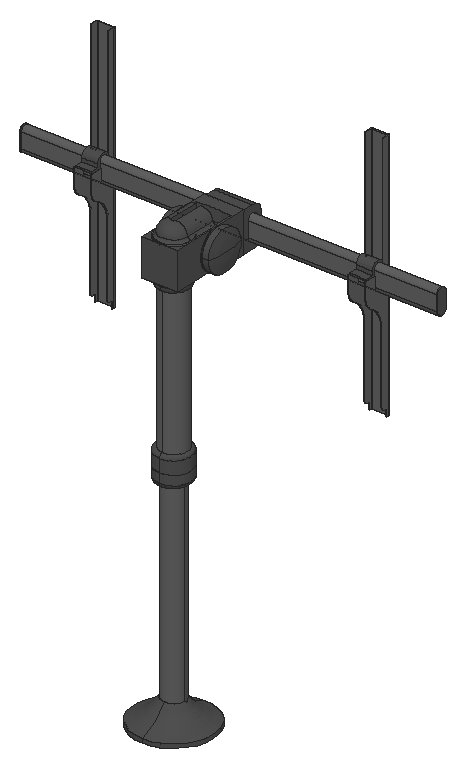
Revit family "Atdec-Ceiling_Dislpay_Mount-TH-3070-CT-", category Generic Models, host Face, Revit 2016
Family settings
  Host = Face
  Part Type = Normal
  Can host rebar = No
  Round Connector Dimension = Use Diameter
  Cut with Voids When Loaded = No
  Shared = No
  Room Calculation Point = No
Parameters (values of type "TH-3070-CTS")
  Weight, Single Unit = "12kg (26.4lb)"
  Weight, Master Carton = "-"
  Warranty = "10 years"
  VESA mounting hole pattern, mm = "200x200, 200x300, 200x400, 300x200, 300x300, 400x200, 400x300, 400x400, 600x200, 600x400, 800x200, 800x400"
  Universal Width (mm) = "From 200 to 800"
  Universal Height (mm) = "From 200 to 500"
  URL = "www.atdec.com.au"
  UPC Code = "881493007567"
  Total Length Restriction [instance] = if(and(CTS, Total Length > 900 mm), 900 mm, if(and(CTL, Total Length > 1800 mm), 1800 mm, Total Length))  # 900 mm
  Total Length [instance] = 924 mm
  Top Pole Length = if(CTL, 1000 mm, 450 mm)  # 450 mm
  Tilt adjustment = "20° of downward tilt"
  Tilt Angle [instance] = 0.00°
  Single units per master pack = "1"
  Security features = "-"
  Range of Motion = "Tilt"
  Product Information Link = "https://www.atdec.com.au/th-3070-ct"
  Product Family = "Wall Mount Rail"  # constant formula
  Single Unit Dimensions = "930mm (36.6\") Lenght, 300mm (11.8\") Width, 150mm (5.9\") Height"
  Plate Finish [instance] = ATD-Powdercoat Black
  Pan adjustment = "Fixed or 360° around pole"
  Model = "TH-3070-CTS"
  Minimum distance from wall (mm) = "-"
  Maximum distance from wall (mm) = "-"
  Material = "Steel and Aluminum"
  Master Carton Dimensions = "-"
  Manufacturer = "Atdec"  # constant formula
  Low Pole Length = if(CTS, 450 mm, 868 mm)  # 450 mm
  Pole Adjustment Length [instance] = "CTL 900mm to 1900mm - CTS: 550mm to 1050mm"  # constant formula
  Flat screen maximum supported weight = "65kg (143lb)"
  Email Address = "support@atdec.com"
  Description = "Medium to display ceiling mount, short pole"
  Default Elevation = 1219.2 mm
  Colour Options = "Black"
  CTS = yes
  CTL = not(CTS)  # no
  Bracket Finish [instance] = ATD-Plastic Black
  Pole Finish = ATD-Powdercoat Black
  Bracket Dist Restriction [instance] = if([Bracket Dist (Max 850)] > 850 mm, 850 mm, [Bracket Dist (Max 850)])  # 600 mm
  Bracket Dist (Max 850) [instance] = 600 mm
  Assembly Code = "E1010800"
  Angle Restriction [instance] = if(Tilt Angle < -20.00°, -20.00°, if(Tilt Angle > 20.00°, 20.00°, Tilt Angle))  # 0.00°
Types (3, lengths in mm): name | Weight, Single Unit | Warranty | UPC Code | Total Length Restriction | Total Length | Top Pole Length | Single Unit Dimensions | Model | Low Pole Length | Description | CTS | CTL | Bracket Dist Restriction | Bracket Dist (Max 850)
  (no name) | "12kg (26.4lb)" | "10 years" | "881493007567" | 900 | 924 | 450 | "930mm (36.6\") Lenght, 300mm (11.8\") Width, 150mm (5.9\") Height" | "TH-3070-CTS" | 450 | "Medium to display ceiling mount, short pole" | yes | no | 600 | 600
  TH-3070-CTL | "15kg (33lb)" | "10 years if purchased after Jan 1, 201" | "881493007543" | 1500 | 1500 | 1000 | "1060mm (41.7\") Lenght, 300mm (11.8\") Width, 150mm (5.9\") Height" | "TH-3070-CTL" | 868 | "Medium to large display ceiling mount, long pole" | no | yes | 800 | 800
  TH-3070-CTS | "12kg (26.4lb)" | "10 years" | "881493007567" | 900 | 924 | 450 | "930mm (36.6\") Lenght, 300mm (11.8\") Width, 150mm (5.9\") Height" | "TH-3070-CTS" | 450 | "Medium to display ceiling mount, short pole" | yes | no | 600 | 600
Reference planes
  plane 1 "Center (Front/Back)": y = 0
  plane 2: z = 0
  plane 3 "Center (Left/Right)": x = 0
  plane 4: z = 900
  plane 5: z = 450
  plane 6: z = 450
  plane 7: z = 860.448
  plane 8: y = 63.807
Forms (mm)
  Revolve 1, solid, material "ATD-Powdercoat Black" <- "Pole Finish"
    sketch origin (0, 0, 0) x (0, 1, 0) y (0, 0, 1)
      loop
        line (0, 900) -> (0, 450) -> (27.463, 450) -> (27.463, 897.097) -> (35.492, 897.097) -> (35.492, 900) -> (0, 900)
      axis (0, 450) -> (0, 900)
    angle from 0 to 360
  Revolve 2, solid, material "ATD-Plastic Black" <- "Bracket Finish"
    sketch origin (0, 0, 0) x (0, 1, 0) y (0, 0, 1)
      loop
        line (0, 0) -> (80, 0) -> (80, 7.646)
        arc (80, 7.646) -> (47.939, 23.892) -> (23.236, 50) r 104.986
        line (23.236, 50) -> (0, 50) -> (0, 0)
      axis (0, 0) -> (0, 50)
    angle from 0 to 360
  Extrusion 3, solid, material "ATD-Powdercoat Black" <- "Pole Finish"
    sketch origin (0, 0, 0) x (1, 0, 0) y (0, 1, 0)
      loop
        circle (0, 0) r 22.5
    from 0 to 450
  Revolve 4, solid, material "ATD-Plastic Black" <- "Bracket Finish"
    sketch origin (0, 0, 0) x (0, 1, 0) y (0, 0, 1)
      loop
        line (0, 511.097) -> (0, 450.597) -> (28.5, 450.597)
        arc (28.5, 450.597) -> (33.467, 452.654) -> (35.524, 457.62) r 7.024
        line (35.524, 457.62) -> (35.524, 476.39) -> (13.322, 476.39) -> (13.322, 477.597) -> (35.524, 477.597) -> (35.524, 503.622)
        arc (35.524, 503.622) -> (33.131, 509.112) -> (27.48, 511.097) r 7.495
        line (27.48, 511.097) -> (0, 511.097)
      axis (0, 450.597) -> (0, 511.097)
    angle from 0 to 360
  Extrusion 5, solid, material "ATD-Plastic Black" <- "Bracket Finish"
    sketch origin (0, 0, 0) x (0, 1, 0) y (0, 0, 1)
      loop
        line (-35.492, 898.369) -> (-35.492, 822.528) -> (63.807, 822.528)
        arc (63.807, 822.528) -> (101.727, 860.448) -> (63.807, 898.369) r 37.92
        line (63.807, 898.369) -> (-35.492, 898.369)
    from -36 to 36
  Revolve 6, solid, material "ATD-Plastic Black" <- "Bracket Finish"
    sketch origin (0, 0, 0) x (0, 1, 0) y (0, 0, 1)
      loop
        line (27.526, 821) -> (27.526, 809.028) -> (29.519, 809.028)
        arc (29.519, 809.028) -> (32.149, 813.144) -> (32.666, 818) r 10.656
        line (32.666, 818) -> (31.848, 818) -> (31.848, 819.852) -> (33.093, 819.852) -> (33.093, 821) -> (27.526, 821)
      axis (0, 809.028) -> (0, 821)
    angle from 0 to 360
  Sweep 7, solid, material "ATD-Plastic Black" <- "Bracket Finish"
    path origin (0, 89, 860.448) x (0, 1, 0) y (-1, 0, 0)
      loop
        line (-25.193, -0.576) -> (-88.975, -0.576)
        arc (-88.975, -0.576) -> (-89.551, 0) -> (-88.975, 0.576) r 0.576
        line (-88.975, 0.576) -> (-25.193, 0.576)
    profile origin (0, -0.551, 860.448) x (0, 1, 0) y (0, 0, 1)
      loop
        arc (-4.272, 66.116) -> (-20.166, 60.172) -> (-28.264, 45.259) r 24.233
        arc (-28.264, 45.259) -> (-29.839, 41.72) -> (-33.048, 39.552) r 7.035
        line (-33.048, 39.552) -> (-4.272, 39.552) -> (-4.272, 66.116)
Lines and regions (mm)
  symbolic lines
    curve 1: circle (0, 0, 0) r 80 normal (0, 0, 1)
    curve 2: circle (0, 0, 0) r 42.586 normal (0, 0, 1)
  reference lines
    curve 3: line (0, 63.807, 860.448) -> (0, -96.193, 860.448)
    curve 4: line (0, 63.807, 860.448) -> (0, 63.807, 910.448)
Dimensions and locks
  "Total Length Restriction": plane 4 to plane 2
  "Top Pole Length": plane 5 to plane 2
  "Low Pole Length": plane 4 to plane 6
  locked: Revolve 1 sketch curve to plane 1 "Center (Front/Back)" at 27.463
  locked: Revolve 1 sketch curve to plane 1 "Center (Front/Back)" at 35.492
  locked: plane 4 to Revolve 1 sketch curve at 2.903
  locked: Revolve 2 sketch curve to plane 1 "Center (Front/Back)" at 110.722
  locked: Revolve 2 sketch curve to plane 1 "Center (Front/Back)" at 80
  locked: Revolve 2 sketch curve to plane 2 at 50
  locked: Revolve 2 sketch curve to plane 2 at 108.036
  plane 6 to Revolve 4 sketch curve to Revolve 4 sketch curve to Revolve 4 sketch curve to Revolve 4 sketch curve to Revolve 4 sketch curve to Revolve 4 sketch curve = 0.597 mm locked, 7.024 mm locked, 18.77 mm locked, 1.206 mm locked, 26.025 mm locked, 7.475 mm locked
  Revolve 4 sketch curve to Revolve 4 sketch curve to Revolve 4 sketch curve to Revolve 4 sketch curve to plane 1 "Center (Front/Back)" = 7.024 mm locked, 0.471 mm locked, 14.707 mm locked, 13.322 mm locked
  plane 4 to plane 7 = 39.552 mm
  locked: plane 8 to plane 1 "Center (Front/Back)" at 63.807
  plane 7 to Revolve 6 sketch curve to Revolve 6 sketch curve to Revolve 6 sketch curve to Revolve 6 sketch curve to Revolve 6 sketch curve = 39.448 mm locked, 1.148 mm locked, 1.852 mm locked, 1.329 mm locked, 7.642 mm locked
  Sweep 7 sketch curve to nested 1 to Sweep 7 sketch curve = 0.576 mm locked, 0.576 mm locked
  Sweep 7 sketch curve to Sweep 7 sketch curve to plane 4 = 4.357 mm locked, 2.331 mm locked
  Sweep 7 sketch curve to Sweep 7 sketch curve to plane 1 "Center (Front/Back)" = 30.962 mm locked, 4.818 mm locked
  "Tilt Angle": angle plane 7 to curve 3
  locked: curve 3 to curve 4 (angle 90.00°)
  aligned and locked: plane 2 to host face
  aligned and locked: level to host face
  aligned and locked: plane 4 to Revolve 1 sketch curve
  aligned and locked: plane 6 to Revolve 1 sketch curve
  aligned and locked: plane 2 to Revolve 2 sketch curve
  aligned and locked: plane 1 "Center (Front/Back)" to Revolve 2 sketch curve
  aligned and locked: Extrusion 3 to plane 2
  aligned and locked: plane 5 to Extrusion 3
  aligned and locked: Revolve 4 sketch curve to Revolve 4 sketch curve
  aligned and locked: plane 8 to curve 3
  aligned and locked: plane 7 to curve 3
  aligned and locked: nested 1 to curve 4
  aligned and locked: nested 1 to curve 3
Automatic sketch dimensions
  host sketch curve to host sketch curve = 643.416 mm
  host sketch curve to host sketch curve = 711.719 mm
  Revolve 1 sketch curve to plane 1 "Center (Front/Back)" = 0 mm  (x2)
  Revolve 1 sketch curve to plane 4 = 0 mm
  Revolve 1 sketch curve to Revolve 1 sketch curve = 28.39 mm
  plane 1 "Center (Front/Back)" to Extrusion 3 sketch curve = 0 mm
  Extrusion 3 sketch curve to plane 3 "Center (Left/Right)" = 0 mm
  Revolve 4 sketch curve to plane 1 "Center (Front/Back)" = 0 mm  (x2)
  Revolve 4 sketch curve to Revolve 4 sketch curve = 0 mm
  Revolve 4 sketch curve to Revolve 4 sketch curve = 8.708 mm
  Revolve 2 sketch curve to plane 1 "Center (Front/Back)" = 0 mm
  Revolve 2 sketch curve to Revolve 2 sketch curve = 23.236 mm
  Revolve 2 sketch curve to Revolve 2 sketch curve = 0 mm
  Revolve 2 sketch curve to Revolve 2 sketch curve = 40 mm
  curve 1 to curve 2 = 0 mm  (x2)
  plane 1 "Center (Front/Back)" to curve 1 = 0 mm
  curve 1 to plane 3 "Center (Left/Right)" = 0 mm
  Extrusion 5 sketch curve to plane 8 = 0 mm  (x2)
  Extrusion 5 sketch curve to plane 7 = 0 mm
  Extrusion 5 sketch curve to plane 4 = 1.631 mm
  plane 1 "Center (Front/Back)" to Extrusion 5 sketch curve = 35.492 mm
  Revolve 6 sketch curve to plane 1 "Center (Front/Back)" = 0 mm
  Revolve 6 sketch curve to plane 1 "Center (Front/Back)" = 22.093 mm
  Revolve 6 sketch curve to Revolve 6 sketch curve = 1.994 mm
  Revolve 6 sketch curve to Revolve 6 sketch curve = 4.322 mm
  Revolve 6 sketch curve to Revolve 6 sketch curve = 0.818 mm
  Revolve 6 sketch curve to Revolve 6 sketch curve = 1.245 mm
  Revolve 6 sketch curve to Revolve 6 sketch curve = 8.329 mm
  Revolve 6 sketch curve to Revolve 6 sketch curve = 7.159 mm
  Sweep 7 sketch curve to plane 8 = 0 mm  (x2)
  Sweep 7 sketch curve to plane 1 "Center (Front/Back)" = 0.025 mm
  Sweep 7 sketch curve to Sweep 7 sketch curve = 0.004 mm
  Sweep 7 sketch curve to Sweep 7 sketch curve = 24.233 mm
  Sweep 7 sketch curve to Sweep 7 sketch curve = 2.182 mm
  Sweep 7 sketch curve to Sweep 7 sketch curve = 0 mm
  radius of Extrusion 3 sketch curve = 22.5 mm
  radius of curve 1 = 80 mm
  radius of curve 2 = 42.586 mm
Nested families
  nested 1: "3070-Plate" at (0, 63.807, 860.448), Bracket Finish <- "Bracket Finish", Plate Finish <- "Plate Finish", Bracket Dist <- "Bracket Dist Restriction", type "3070-Plate"
    with Plate Finish ATD-Powdercoat Black, Bracket Finish ATD-Plastic Black, Bracket Dist 600 mm
Definition of nested family "3070-Plate"
  Parameters (values of type "3070-Plate")
    Plate Finish [instance] = none
    Default Elevation = 1219.2 mm
    Bracket Finish [instance] = none
    Bracket Dist [instance] = 500 mm
  Reference planes
    plane 1 "Center (Front/Back)": y = 0
    plane 2: z = 0
    plane 3 "Center (Left/Right)": x = 0
    plane 4: x = -250
    plane 5: x = 250
  Forms (mm)
    Extrusion 1, solid, material <- "Bracket Finish"
      sketch origin (0, 0, 0) x (0, 1, 0) y (0, 0, 1)
        loop
          arc (0, 41.281) -> (-41.281, 0) -> (0, -41.281) r 41.281
          line (0, -41.281) -> (67.872, -41.281) -> (67.872, 41.281) -> (0, 41.281)
      from -41.5 to 39.5
    Revolve 2, solid, material <- "Bracket Finish"
      sketch origin (0, 0, 0) x (1, 0, 0) y (0, 1, 0)
        loop
          line (-39.5, 0) -> (-39.5, 41.217) -> (-53.557, 41.217)
          arc (-53.557, 41.217) -> (-57.345, 20.763) -> (-58.613, 0) r 170.523
          line (-58.613, 0) -> (-39.5, 0)
        loop
          line (39.5, 0) -> (58.613, 0)
          arc (58.613, 0) -> (57.345, 20.763) -> (53.557, 41.217) r 170.523
          line (53.557, 41.217) -> (39.5, 41.217) -> (39.5, 0)
        axis (58.613, 0) -> (-58.613, 0)
      angle from 0 to 360
    Extrusion 3, void
      sketch origin (0, 0, 0) x (1, 0, 0) y (0, 1, 0)
        loop
          line (-36, 37.92) -> (-36, -46.463) -> (36, -46.463) -> (36, 37.92)
          arc (36, 37.92) -> (0, 42.941) -> (-36, 37.92) r 131.581
      from -41.281 to 41.281
    Extrusion 4, solid, material <- "Plate Finish"
      sketch origin (0, 0, 0) x (0, 1, 0) y (0, 0, 1)
        loop
          line (78.005, 15.589) -> (78.005, -15.262)
          arc (78.005, -15.262) -> (88.005, -25.262) -> (98.005, -15.262) r 10
          line (98.005, -15.262) -> (98.005, 15.589)
          arc (98.005, 15.589) -> (88.005, 25.589) -> (78.005, 15.589) r 10
      from -426.767 to 426.767
    Extrusion 5, solid, material <- "Bracket Finish"
      sketch origin (0, 0, 0) x (0, 1, 0) y (0, 0, 1)
        loop
          line (77.005, 15.589) -> (77.005, -15.262)
          arc (77.005, -15.262) -> (88.005, -26.262) -> (99.005, -15.262) r 11
          line (99.005, -15.262) -> (99.005, 15.589)
          arc (99.005, 15.589) -> (88.005, 26.589) -> (77.005, 15.589) r 11
        loop
          line (67.872, 40.656) -> (67.872, -41.752) -> (90.592, -41.752)
          arc (90.592, -41.752) -> (104.734, -35.894) -> (110.592, -21.752) r 20
          line (110.592, -21.752) -> (110.592, 20.656)
          arc (110.592, 20.656) -> (104.734, 34.798) -> (90.592, 40.656) r 20
          line (90.592, 40.656) -> (67.872, 40.656)
      from -39.5 to 39.5
    Sweep 6, solid, material <- "Plate Finish"
      path origin (0, 0, 0) x (0, 1, 0) y (0, 0, 1)
        loop
          line (114.899, 249.86) -> (114.899, -265.14)
      profile origin (0, 114.899, -7.64) x (1, 0, 0) y (0, 1, 0)
        loop
          arc (-247, 0) -> (-249.121, -0.879) -> (-250, -3) r 3
          line (-250, -3) -> (-250, -59.64) -> (-248, -59.64) -> (-248, -3)
          arc (-248, -3) -> (-247.707, -2.293) -> (-247, -2) r 1
          line (-247, -2) -> (-216.092, -2)
          arc (-216.092, -2) -> (-215.385, -2.293) -> (-215.092, -3) r 1
          line (-215.092, -3) -> (-215.092, -59.64) -> (-213.092, -59.64) -> (-213.092, -3)
          arc (-213.092, -3) -> (-213.971, -0.879) -> (-216.092, 0) r 3
          line (-216.092, 0) -> (-247, 0)
        loop
          line (247, 0) -> (216.092, 0)
          arc (216.092, 0) -> (213.971, -0.879) -> (213.092, -3) r 3
          line (213.092, -3) -> (213.092, -59.64) -> (215.092, -59.64) -> (215.092, -3)
          arc (215.092, -3) -> (215.385, -2.293) -> (216.092, -2) r 1
          line (216.092, -2) -> (247, -2)
          arc (247, -2) -> (247.707, -2.293) -> (248, -3) r 1
          line (248, -3) -> (248, -59.64) -> (250, -59.64) -> (250, -3)
          arc (250, -3) -> (249.121, -0.879) -> (247, 0) r 3
    Extrusion 7, void
      sketch origin (0, 0, 0) x (0, 1, 0) y (0, 0, 1)
        loop
          line (108.238, -265.14) -> (108.238, -250.14) -> (102.359, -250.14)
          arc (102.359, -250.14) -> (98.086, -248.333) -> (96.408, -244.007) r 5.953
          line (96.408, -244.007) -> (96.408, -99.007)
          arc (96.408, -99.007) -> (88.399, -69.962) -> (66.636, -49.126) r 56.672
          arc (66.636, -49.126) -> (58.256, -41.058) -> (55.258, -29.817) r 21.66
          line (55.258, -29.817) -> (55.258, 5.183) -> (77.005, 5.183) -> (77.005, -15.262)
          arc (77.005, -15.262) -> (88.005, -26.262) -> (99.005, -15.262) r 11
          line (99.005, -15.262) -> (99.005, 249.86) -> (39.005, 249.86) -> (39.005, -265.14) -> (108.238, -265.14)
      from -250 to 250
    Sweep 8, solid, material <- "Bracket Finish"
      path origin (0, 0, 0) x (0, 1, 0) y (0, 0, 1)
        loop
          line (57.42, 5.183) -> (77.005, 5.183) -> (77.005, 15.589)
          arc (77.005, 15.589) -> (88.005, 26.589) -> (99.005, 15.589) r 11
      profile origin (0, 67.213, 5.183) x (0, 0, 1) y (1, 0, 0)
        loop
          line (0, -215.092) -> (0, -248) -> (3.004, -248) -> (3.004, -215.092) -> (0, -215.092)
        loop
          line (0, 215.092) -> (3.004, 215.092) -> (3.004, 248) -> (0, 248) -> (0, 215.092)
    Extrusion 9, solid, material <- "Bracket Finish"
      sketch origin (-426.767, 0, 0) x (0, -1, 0) y (0, 0, 1)
        loop
          line (-78.005, -15.262) -> (-78.005, 15.589)
          arc (-78.005, 15.589) -> (-88.005, 25.589) -> (-98.005, 15.589) r 10
          line (-98.005, 15.589) -> (-98.005, -15.262)
          arc (-98.005, -15.262) -> (-88.005, -25.262) -> (-78.005, -15.262) r 10
      from 0 to 2
    Extrusion 10, solid, material <- "Bracket Finish"
      sketch origin (426.767, 0, 0) x (0, 1, 0) y (0, 0, 1)
        loop
          line (98.005, -15.262) -> (98.005, 15.589)
          arc (98.005, 15.589) -> (88.005, 25.589) -> (78.005, 15.589) r 10
          line (78.005, 15.589) -> (78.005, -15.262)
          arc (78.005, -15.262) -> (88.005, -25.262) -> (98.005, -15.262) r 10
      from 0 to 2
  Cuts and joins
    Extrusion 3 cuts Extrusion 1
    Extrusion 7 cuts Sweep 6
  Dimensions and locks
    equal spacing: Extrusion 4, plane 3 "Center (Left/Right)", Extrusion 4, locked at 426.767 each
    equal spacing: Extrusion 5, plane 3 "Center (Left/Right)", Extrusion 5
    equal spacing: plane 4, plane 3 "Center (Left/Right)", plane 5
    "Bracket Dist": plane 4 to plane 5
    Sweep 6 sketch curve to Sweep 6 sketch curve to Sweep 6 sketch curve to plane 5 = 2 mm locked, 32.908 mm locked, 2 mm locked
    plane 4 to Sweep 6 sketch curve to Sweep 6 sketch curve to Sweep 6 sketch curve = 2 mm locked, 32.908 mm locked, 2 mm locked
    plane 1 "Center (Front/Back)" to Sweep 6 sketch curve to Sweep 6 sketch curve to Sweep 6 sketch curve = 55.258 mm locked, 57.64 mm locked, 2 mm locked  (x2)
    Sweep 8 sketch curve to Sweep 8 sketch curve to plane 4 = 32.908 mm locked, 2 mm locked
    plane 5 to Sweep 8 sketch curve to Sweep 8 sketch curve = 2 mm locked, 32.908 mm locked
    locked: Extrusion 10 to Extrusion 10 at 2
    locked: Extrusion 9 to Extrusion 9 at 2
    aligned and locked: level to plane 2
    aligned and locked: Extrusion 1 to Extrusion 3
    aligned and locked: Extrusion 3 to Extrusion 1
    aligned and locked: plane 4 to Sweep 6 sketch curve
    aligned and locked: plane 5 to Sweep 6 sketch curve
    aligned and locked: Sweep 6 sketch curve to Sweep 6 sketch curve  (x2)
    aligned and locked: Extrusion 7 sketch curve to Extrusion 5  (x2)
    aligned and locked: Extrusion 5 to Extrusion 7 sketch curve
    aligned and locked: Extrusion 7 to plane 4
    aligned and locked: plane 5 to Extrusion 7
    aligned and locked: Extrusion 9 sketch curve to Extrusion 4  (x2)
    aligned and locked: Extrusion 10 sketch curve to Extrusion 4  (x2)
    aligned and locked: Extrusion 10 to Extrusion 4
    aligned and locked: Extrusion 9 to Extrusion 4
  Automatic sketch dimensions
    Extrusion 1 sketch curve to plane 1 "Center (Front/Back)" = 0 mm  (x2)
    Extrusion 1 sketch curve to level = 0 mm
    Extrusion 1 sketch curve to plane 1 "Center (Front/Back)" = 67.872 mm
    Extrusion 1 sketch curve to level = 41.281 mm
    plane 1 "Center (Front/Back)" to Revolve 2 sketch curve = 0 mm  (x3)
    Revolve 2 sketch curve to plane 3 "Center (Left/Right)" = 111.91 mm
    Revolve 2 sketch curve to Revolve 2 sketch curve = 53.297 mm
    Revolve 2 sketch curve to plane 1 "Center (Front/Back)" = 41.217 mm
    Revolve 2 sketch curve to Revolve 2 sketch curve = 5.056 mm
    Revolve 2 sketch curve to Revolve 2 sketch curve = 14.057 mm  (x2)
    plane 3 "Center (Left/Right)" to Revolve 2 sketch curve = 39.5 mm
    Revolve 2 sketch curve to Revolve 2 sketch curve = 19.113 mm
    Revolve 2 sketch curve to Revolve 2 sketch curve = 16.986 mm
    Revolve 2 sketch curve to Revolve 2 sketch curve = 0 mm
    Extrusion 3 sketch curve to plane 3 "Center (Left/Right)" = 0 mm
    Extrusion 3 sketch curve to plane 3 "Center (Left/Right)" = 36 mm
    plane 3 "Center (Left/Right)" to Extrusion 3 sketch curve = 36 mm
    plane 1 "Center (Front/Back)" to Extrusion 3 sketch curve = 88.64 mm
    plane 1 "Center (Front/Back)" to Extrusion 3 sketch curve = 46.463 mm
    Extrusion 3 sketch curve to plane 1 "Center (Front/Back)" = 37.92 mm
    level to Extrusion 4 sketch curve = 15.589 mm
    Extrusion 4 sketch curve to plane 1 "Center (Front/Back)" = 78.005 mm
    Extrusion 4 sketch curve to Extrusion 4 sketch curve = 10 mm
    Extrusion 4 sketch curve to level = 15.262 mm
    level to Extrusion 5 sketch curve = 40.656 mm
    Extrusion 5 sketch curve to plane 1 "Center (Front/Back)" = 67.872 mm
    Extrusion 5 sketch curve to Extrusion 5 sketch curve = 9.134 mm
    Extrusion 5 sketch curve to Extrusion 5 sketch curve = 11 mm
    Extrusion 5 sketch curve to Extrusion 5 sketch curve = 2.587 mm  (x2)
    Extrusion 5 sketch curve to Extrusion 5 sketch curve = 11.587 mm
    Extrusion 5 sketch curve to Extrusion 5 sketch curve = 5.068 mm
    Extrusion 5 sketch curve to level = 15.262 mm
    Extrusion 5 sketch curve to Extrusion 5 sketch curve = 6.49 mm
    Sweep 6 sketch curve to plane 1 "Center (Front/Back)" = 114.899 mm
    Sweep 6 sketch curve to level = 265.14 mm
    level to Sweep 6 sketch curve = 249.86 mm
    Sweep 6 sketch curve to Sweep 6 sketch curve = 0 mm  (x4)
    Sweep 6 sketch curve to Sweep 6 sketch curve = 1 mm  (x3)
    profile plane to Sweep 6 sketch curve = 3 mm
    Extrusion 7 sketch curve to plane 1 "Center (Front/Back)" = 39.005 mm
    Extrusion 7 sketch curve to plane 1 "Center (Front/Back)" = 39.737 mm
    Extrusion 7 sketch curve to Extrusion 7 sketch curve = 21.658 mm
    Extrusion 7 sketch curve to Extrusion 7 sketch curve = 0.089 mm
    Extrusion 7 sketch curve to Extrusion 7 sketch curve = 57.403 mm
    Extrusion 7 sketch curve to Extrusion 7 sketch curve = 5.951 mm
    Extrusion 7 sketch curve to Extrusion 7 sketch curve = 5.879 mm
    Extrusion 7 sketch curve to level = 250.14 mm
    Extrusion 7 sketch curve to Extrusion 7 sketch curve = 5.953 mm
    Extrusion 7 sketch curve to level = 99.007 mm
    Extrusion 7 sketch curve to Extrusion 7 sketch curve = 0.244 mm
    Extrusion 7 sketch curve to Extrusion 7 sketch curve = 14.8 mm
    level to Extrusion 7 sketch curve = 5.183 mm
    Extrusion 7 sketch curve to Extrusion 7 sketch curve = 244.677 mm
    Extrusion 7 sketch curve to Extrusion 7 sketch curve = 15 mm
    level to Sweep 8 sketch curve = 5.183 mm
    Sweep 8 sketch curve to plane 1 "Center (Front/Back)" = 77.005 mm
    Sweep 8 sketch curve to Sweep 8 sketch curve = 11 mm
    Sweep 8 sketch curve to Sweep 8 sketch curve = 10.406 mm
    Sweep 8 sketch curve to Sweep 8 sketch curve = 19.585 mm
    Sweep 8 sketch curve to profile plane = 0 mm  (x2)
    Sweep 8 sketch curve to profile plane = 3.004 mm  (x2)
